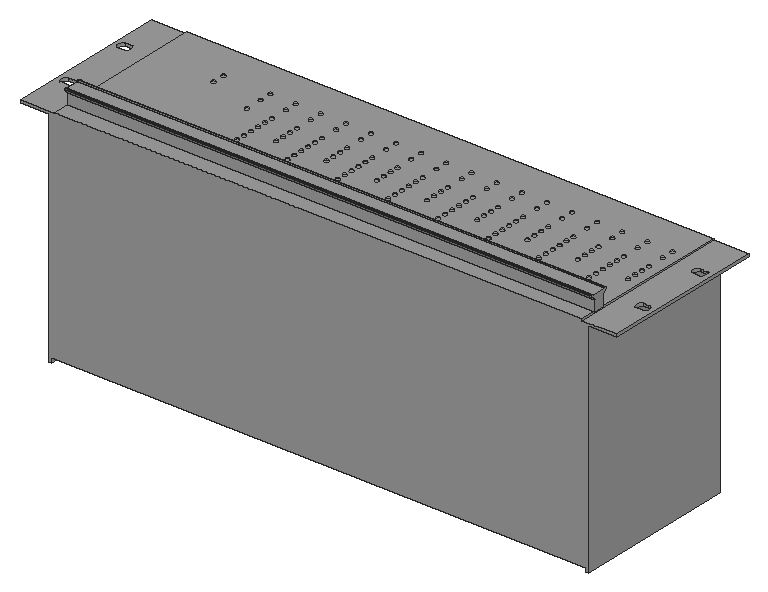
Revit family "Maxlogic alarme matrix panneau", category Fire Alarm Devices, host Face, Revit 2021
Family settings
  Host = Face
  Maintain Annotation Orientation = Yes
  Round Connector Dimension = Use Diameter
  Part Type = Normal
  OmniClass Number = 23.85.30.21
  OmniClass Title = Environmental Detection/Registration
  Cut with Voids When Loaded = No
  Shared = No
  Room Calculation Point = No
Parameters (values of type "Maxlogic Panneau de Matrice d'Anonce/alarme ,19"rack 3U,Module d'alimentation d'anonce et sortie d'alimentation d'externe")
  Poids = ""
  Boîtier de montage en surface étanche = ""
  Unité de durée de garantie = "Ans"
  Durée de la garantie réservé = "2"
  Durée de la garantie Travail = "2"
  Version = ""
  URL = "https://www.mavili.com.tr/"
  Socle montage de Surlévé = ""
  Numéro de pose des travaux publics = ""
  protection de Classe = ""
  Programmable alarm / alert output module = "ML-5020.PO 8 prends l'adresse"
  Code de Produit = "ML-5020"
  Numèro de Téléphone = "(+)90 216 466 45 05"
  Voltage de fonctionnement (default) = "28 V /DC"
  voltage fonction d'opération = "28 V /DC"
  Tempèrature de Fonctionnement = "(-10°C) - (+55°C)"
  Largeur Nominale = "209 mm"
  Longeur Nominale = "483 mm"
  Hauteur Nominale = "133 mm"
  Surface de Montage = "Rack montage cabinet"
  Hauteur de Montage = ""
  Model = "Maxlogic"
  Announce input module = "ML-5020.AI 4 prends l'adresse"
  Manufacturer = "Mavili Elektronik Ticaret A.Ş."
  Manuel d'installation = "https://mavilielektronik.com/Revit/ML5020_enkk.pdf"
  Sortie d'indicateur = ""
  Numèro de Fax = "(+)90 216 466 45 10"
  Alimentation d'externe = "220 V/AC"
  E-Poste = "mavili@mavili.com.tr"
  Avertissement = ""
  Charger adresse d'appareil = "Appareil d'adressage à main"
  Description = "Panneau de Matrice d'Anonce/alarme ,19\"rack 3U,Module d'alimentation d'anonce et sortie d'alimentation d'externe"
  Default Elevation = 0 mm
  Current de Consommation = ""
  Coût Unité = ""
  Cost = 0
  Socles Compatible = ""
  Couleur = "Noir"
  Code de  Performance = "EN 54-16"
  Matériel Principe = "Mètale Rouge"
  Deuxime Matèriel = "Plexiglas"
  Batterie = "2 X ( 12V 7Ah )"
  Announce / alarm matrix blank panel = "MLY-5001"
  Adresse ligne 1 = "Şerifali Mahallesi Kutup Sokak No:27/1-2-4 Ümraniye TR-34775 İSTANBUL"
Reference planes
  plane 1 "Center (Front/Back)": y = 0
  plane 2: z = 0
  plane 3 "Center (Left/Right)": x = 0
Forms (mm)
  Extrusion 1, solid, material "Alarm Matrix Panel"
    sketch origin (-255.275, 132.5, 267.01) x (-1, 0, 0) y (0, 0, -1)
      loop
        line (2, 182) -> (0, 182) -> (0, 179) -> (-432, 179) -> (-432, 182) -> (-434, 182) -> (-434, 3) -> (-457.3, 3) -> (-457.3, 0.961) -> (-429.02, 0.961) -> (-429.02, 0.026) -> (-2.98, 0.026) -> (-2.98, 0.961) -> (25.3, 0.961) -> (25.3, 3) -> (2, 3) -> (2, 182)
    from 0 to 132.5
  Revolve 2, solid, material "Glass"
    sketch origin (31.587, -147.1, 266.984) x (1, 0, 0) y (0, 1, 0)
      loop
        arc (-231.532, 249.85) -> (-229.882, 248.2) -> (-228.232, 249.85) r 1.65
        line (-228.232, 249.85) -> (-231.532, 249.85)
      axis (-231.532, 249.85) -> (-228.232, 249.85)
    angle from 0 to -180
  Revolve 3, solid, material "Glass"
    sketch origin (31.587, -157.1, 266.984) x (1, 0, 0) y (0, 1, 0)
      loop
        arc (-231.532, 249.85) -> (-229.882, 248.2) -> (-228.232, 249.85) r 1.65
        line (-228.232, 249.85) -> (-231.532, 249.85)
      axis (-231.532, 249.85) -> (-228.232, 249.85)
    angle from 0 to -180
  Revolve 4, solid, material "Glass"
    sketch origin (69.607, -147.1, 266.984) x (1, 0, 0) y (0, 1, 0)
      loop
        arc (-231.532, 249.85) -> (-229.882, 248.2) -> (-228.232, 249.85) r 1.65
        line (-228.232, 249.85) -> (-231.532, 249.85)
      axis (-231.532, 249.85) -> (-228.232, 249.85)
    angle from 0 to -180
  Revolve 5, solid, material "Glass"
    sketch origin (69.607, -157.1, 266.984) x (1, 0, 0) y (0, 1, 0)
      loop
        arc (-231.532, 249.85) -> (-229.882, 248.2) -> (-228.232, 249.85) r 1.65
        line (-228.232, 249.85) -> (-231.532, 249.85)
      axis (-231.532, 249.85) -> (-228.232, 249.85)
    angle from 0 to -180
  Revolve 6, solid, material "Glass"
    sketch origin (89.927, -147.1, 266.984) x (1, 0, 0) y (0, 1, 0)
      loop
        arc (-231.532, 249.85) -> (-229.882, 248.2) -> (-228.232, 249.85) r 1.65
        line (-228.232, 249.85) -> (-231.532, 249.85)
      axis (-231.532, 249.85) -> (-228.232, 249.85)
    angle from 0 to -180
  Revolve 7, solid, material "Glass"
    sketch origin (89.927, -157.1, 266.984) x (1, 0, 0) y (0, 1, 0)
      loop
        arc (-231.532, 249.85) -> (-229.882, 248.2) -> (-228.232, 249.85) r 1.65
        line (-228.232, 249.85) -> (-231.532, 249.85)
      axis (-231.532, 249.85) -> (-228.232, 249.85)
    angle from 0 to -180
  Revolve 8, solid, material "Glass"
    sketch origin (110.247, -147.1, 266.984) x (1, 0, 0) y (0, 1, 0)
      loop
        arc (-231.532, 249.85) -> (-229.882, 248.2) -> (-228.232, 249.85) r 1.65
        line (-228.232, 249.85) -> (-231.532, 249.85)
      axis (-231.532, 249.85) -> (-228.232, 249.85)
    angle from 0 to -180
  Revolve 9, solid, material "Glass"
    sketch origin (110.247, -157.1, 266.984) x (1, 0, 0) y (0, 1, 0)
      loop
        arc (-231.532, 249.85) -> (-229.882, 248.2) -> (-228.232, 249.85) r 1.65
        line (-228.232, 249.85) -> (-231.532, 249.85)
      axis (-231.532, 249.85) -> (-228.232, 249.85)
    angle from 0 to -180
  Revolve 10, solid, material "Glass"
    sketch origin (130.567, -147.1, 266.984) x (1, 0, 0) y (0, 1, 0)
      loop
        arc (-231.532, 249.85) -> (-229.882, 248.2) -> (-228.232, 249.85) r 1.65
        line (-228.232, 249.85) -> (-231.532, 249.85)
      axis (-231.532, 249.85) -> (-228.232, 249.85)
    angle from 0 to -180
  Revolve 11, solid, material "Glass"
    sketch origin (130.567, -157.1, 266.984) x (1, 0, 0) y (0, 1, 0)
      loop
        arc (-231.532, 249.85) -> (-229.882, 248.2) -> (-228.232, 249.85) r 1.65
        line (-228.232, 249.85) -> (-231.532, 249.85)
      axis (-231.532, 249.85) -> (-228.232, 249.85)
    angle from 0 to -180
  Revolve 12, solid, material "Glass"
    sketch origin (150.887, -147.1, 266.984) x (1, 0, 0) y (0, 1, 0)
      loop
        arc (-231.532, 249.85) -> (-229.882, 248.2) -> (-228.232, 249.85) r 1.65
        line (-228.232, 249.85) -> (-231.532, 249.85)
      axis (-231.532, 249.85) -> (-228.232, 249.85)
    angle from 0 to -180
  Revolve 13, solid, material "Glass"
    sketch origin (150.887, -157.1, 266.984) x (1, 0, 0) y (0, 1, 0)
      loop
        arc (-231.532, 249.85) -> (-229.882, 248.2) -> (-228.232, 249.85) r 1.65
        line (-228.232, 249.85) -> (-231.532, 249.85)
      axis (-231.532, 249.85) -> (-228.232, 249.85)
    angle from 0 to -180
  Revolve 14, solid, material "Glass"
    sketch origin (171.207, -147.1, 266.984) x (1, 0, 0) y (0, 1, 0)
      loop
        arc (-231.532, 249.85) -> (-229.882, 248.2) -> (-228.232, 249.85) r 1.65
        line (-228.232, 249.85) -> (-231.532, 249.85)
      axis (-231.532, 249.85) -> (-228.232, 249.85)
    angle from 0 to -180
  Revolve 15, solid, material "Glass"
    sketch origin (171.207, -157.1, 266.984) x (1, 0, 0) y (0, 1, 0)
      loop
        arc (-231.532, 249.85) -> (-229.882, 248.2) -> (-228.232, 249.85) r 1.65
        line (-228.232, 249.85) -> (-231.532, 249.85)
      axis (-231.532, 249.85) -> (-228.232, 249.85)
    angle from 0 to -180
  Revolve 16, solid, material "Glass"
    sketch origin (191.527, -147.1, 266.984) x (1, 0, 0) y (0, 1, 0)
      loop
        arc (-231.532, 249.85) -> (-229.882, 248.2) -> (-228.232, 249.85) r 1.65
        line (-228.232, 249.85) -> (-231.532, 249.85)
      axis (-231.532, 249.85) -> (-228.232, 249.85)
    angle from 0 to -180
  Revolve 17, solid, material "Glass"
    sketch origin (191.527, -157.1, 266.984) x (1, 0, 0) y (0, 1, 0)
      loop
        arc (-231.532, 249.85) -> (-229.882, 248.2) -> (-228.232, 249.85) r 1.65
        line (-228.232, 249.85) -> (-231.532, 249.85)
      axis (-231.532, 249.85) -> (-228.232, 249.85)
    angle from 0 to -180
  Revolve 18, solid, material "Glass"
    sketch origin (211.847, -147.1, 266.984) x (1, 0, 0) y (0, 1, 0)
      loop
        arc (-231.532, 249.85) -> (-229.882, 248.2) -> (-228.232, 249.85) r 1.65
        line (-228.232, 249.85) -> (-231.532, 249.85)
      axis (-231.532, 249.85) -> (-228.232, 249.85)
    angle from 0 to -180
  Revolve 19, solid, material "Glass"
    sketch origin (211.847, -157.1, 266.984) x (1, 0, 0) y (0, 1, 0)
      loop
        arc (-231.532, 249.85) -> (-229.882, 248.2) -> (-228.232, 249.85) r 1.65
        line (-228.232, 249.85) -> (-231.532, 249.85)
      axis (-231.532, 249.85) -> (-228.232, 249.85)
    angle from 0 to -180
  Revolve 20, solid, material "Glass"
    sketch origin (232.167, -147.1, 266.984) x (1, 0, 0) y (0, 1, 0)
      loop
        arc (-231.532, 249.85) -> (-229.882, 248.2) -> (-228.232, 249.85) r 1.65
        line (-228.232, 249.85) -> (-231.532, 249.85)
      axis (-231.532, 249.85) -> (-228.232, 249.85)
    angle from 0 to -180
  Revolve 21, solid, material "Glass"
    sketch origin (232.167, -157.1, 266.984) x (1, 0, 0) y (0, 1, 0)
      loop
        arc (-231.532, 249.85) -> (-229.882, 248.2) -> (-228.232, 249.85) r 1.65
        line (-228.232, 249.85) -> (-231.532, 249.85)
      axis (-231.532, 249.85) -> (-228.232, 249.85)
    angle from 0 to -180
  Revolve 22, solid, material "Glass"
    sketch origin (252.487, -147.1, 266.984) x (1, 0, 0) y (0, 1, 0)
      loop
        arc (-231.532, 249.85) -> (-229.882, 248.2) -> (-228.232, 249.85) r 1.65
        line (-228.232, 249.85) -> (-231.532, 249.85)
      axis (-231.532, 249.85) -> (-228.232, 249.85)
    angle from 0 to -180
  Revolve 23, solid, material "Glass"
    sketch origin (252.487, -157.1, 266.984) x (1, 0, 0) y (0, 1, 0)
      loop
        arc (-231.532, 249.85) -> (-229.882, 248.2) -> (-228.232, 249.85) r 1.65
        line (-228.232, 249.85) -> (-231.532, 249.85)
      axis (-231.532, 249.85) -> (-228.232, 249.85)
    angle from 0 to -180
  Revolve 24, solid, material "Glass"
    sketch origin (272.807, -147.1, 266.984) x (1, 0, 0) y (0, 1, 0)
      loop
        arc (-231.532, 249.85) -> (-229.882, 248.2) -> (-228.232, 249.85) r 1.65
        line (-228.232, 249.85) -> (-231.532, 249.85)
      axis (-231.532, 249.85) -> (-228.232, 249.85)
    angle from 0 to -180
  Revolve 25, solid, material "Glass"
    sketch origin (272.807, -157.1, 266.984) x (1, 0, 0) y (0, 1, 0)
      loop
        arc (-231.532, 249.85) -> (-229.882, 248.2) -> (-228.232, 249.85) r 1.65
        line (-228.232, 249.85) -> (-231.532, 249.85)
      axis (-231.532, 249.85) -> (-228.232, 249.85)
    angle from 0 to -180
  Revolve 26, solid, material "Glass"
    sketch origin (293.127, -147.1, 266.984) x (1, 0, 0) y (0, 1, 0)
      loop
        arc (-231.532, 249.85) -> (-229.882, 248.2) -> (-228.232, 249.85) r 1.65
        line (-228.232, 249.85) -> (-231.532, 249.85)
      axis (-231.532, 249.85) -> (-228.232, 249.85)
    angle from 0 to -180
  Revolve 27, solid, material "Glass"
    sketch origin (293.127, -157.1, 266.984) x (1, 0, 0) y (0, 1, 0)
      loop
        arc (-231.532, 249.85) -> (-229.882, 248.2) -> (-228.232, 249.85) r 1.65
        line (-228.232, 249.85) -> (-231.532, 249.85)
      axis (-231.532, 249.85) -> (-228.232, 249.85)
    angle from 0 to -180
  Revolve 28, solid, material "Glass"
    sketch origin (313.447, -147.1, 266.984) x (1, 0, 0) y (0, 1, 0)
      loop
        arc (-231.532, 249.85) -> (-229.882, 248.2) -> (-228.232, 249.85) r 1.65
        line (-228.232, 249.85) -> (-231.532, 249.85)
      axis (-231.532, 249.85) -> (-228.232, 249.85)
    angle from 0 to -180
  Revolve 29, solid, material "Glass"
    sketch origin (313.447, -157.1, 266.984) x (1, 0, 0) y (0, 1, 0)
      loop
        arc (-231.532, 249.85) -> (-229.882, 248.2) -> (-228.232, 249.85) r 1.65
        line (-228.232, 249.85) -> (-231.532, 249.85)
      axis (-231.532, 249.85) -> (-228.232, 249.85)
    angle from 0 to -180
  Revolve 30, solid, material "Glass"
    sketch origin (333.767, -147.1, 266.984) x (1, 0, 0) y (0, 1, 0)
      loop
        arc (-231.532, 249.85) -> (-229.882, 248.2) -> (-228.232, 249.85) r 1.65
        line (-228.232, 249.85) -> (-231.532, 249.85)
      axis (-231.532, 249.85) -> (-228.232, 249.85)
    angle from 0 to -180
  Revolve 31, solid, material "Glass"
    sketch origin (333.767, -157.1, 266.984) x (1, 0, 0) y (0, 1, 0)
      loop
        arc (-231.532, 249.85) -> (-229.882, 248.2) -> (-228.232, 249.85) r 1.65
        line (-228.232, 249.85) -> (-231.532, 249.85)
      axis (-231.532, 249.85) -> (-228.232, 249.85)
    angle from 0 to -180
  Revolve 32, solid, material "Glass"
    sketch origin (354.087, -147.1, 266.984) x (1, 0, 0) y (0, 1, 0)
      loop
        arc (-231.532, 249.85) -> (-229.882, 248.2) -> (-228.232, 249.85) r 1.65
        line (-228.232, 249.85) -> (-231.532, 249.85)
      axis (-231.532, 249.85) -> (-228.232, 249.85)
    angle from 0 to -180
  Revolve 33, solid, material "Glass"
    sketch origin (354.087, -157.1, 266.984) x (1, 0, 0) y (0, 1, 0)
      loop
        arc (-231.532, 249.85) -> (-229.882, 248.2) -> (-228.232, 249.85) r 1.65
        line (-228.232, 249.85) -> (-231.532, 249.85)
      axis (-231.532, 249.85) -> (-228.232, 249.85)
    angle from 0 to -180
  Revolve 34, solid, material "Glass"
    sketch origin (374.407, -147.1, 266.984) x (1, 0, 0) y (0, 1, 0)
      loop
        arc (-231.532, 249.85) -> (-229.882, 248.2) -> (-228.232, 249.85) r 1.65
        line (-228.232, 249.85) -> (-231.532, 249.85)
      axis (-231.532, 249.85) -> (-228.232, 249.85)
    angle from 0 to -180
  Revolve 35, solid, material "Glass"
    sketch origin (374.407, -157.1, 266.984) x (1, 0, 0) y (0, 1, 0)
      loop
        arc (-231.532, 249.85) -> (-229.882, 248.2) -> (-228.232, 249.85) r 1.65
        line (-228.232, 249.85) -> (-231.532, 249.85)
      axis (-231.532, 249.85) -> (-228.232, 249.85)
    angle from 0 to -180
  Revolve 36, solid, material "Glass"
    sketch origin (394.727, -147.1, 266.984) x (1, 0, 0) y (0, 1, 0)
      loop
        arc (-231.532, 249.85) -> (-229.882, 248.2) -> (-228.232, 249.85) r 1.65
        line (-228.232, 249.85) -> (-231.532, 249.85)
      axis (-231.532, 249.85) -> (-228.232, 249.85)
    angle from 0 to -180
  Revolve 37, solid, material "Glass"
    sketch origin (394.727, -157.1, 266.984) x (1, 0, 0) y (0, 1, 0)
      loop
        arc (-231.532, 249.85) -> (-229.882, 248.2) -> (-228.232, 249.85) r 1.65
        line (-228.232, 249.85) -> (-231.532, 249.85)
      axis (-231.532, 249.85) -> (-228.232, 249.85)
    angle from 0 to -180
  Revolve 38, solid, material "Glass"
    sketch origin (69.607, -171.1, 266.984) x (1, 0, 0) y (0, 1, 0)
      loop
        arc (-231.532, 249.85) -> (-229.882, 248.2) -> (-228.232, 249.85) r 1.65
        line (-228.232, 249.85) -> (-231.532, 249.85)
      axis (-231.532, 249.85) -> (-228.232, 249.85)
    angle from 0 to -180
  Revolve 39, solid, material "Glass"
    sketch origin (89.927, -171.1, 266.984) x (1, 0, 0) y (0, 1, 0)
      loop
        arc (-231.532, 249.85) -> (-229.882, 248.2) -> (-228.232, 249.85) r 1.65
        line (-228.232, 249.85) -> (-231.532, 249.85)
      axis (-231.532, 249.85) -> (-228.232, 249.85)
    angle from 0 to -180
  Revolve 40, solid, material "Glass"
    sketch origin (89.927, -178.1, 266.984) x (1, 0, 0) y (0, 1, 0)
      loop
        arc (-231.532, 249.85) -> (-229.882, 248.2) -> (-228.232, 249.85) r 1.65
        line (-228.232, 249.85) -> (-231.532, 249.85)
      axis (-231.532, 249.85) -> (-228.232, 249.85)
    angle from 0 to -180
  Revolve 41, solid, material "Glass"
    sketch origin (89.927, -185.1, 266.984) x (1, 0, 0) y (0, 1, 0)
      loop
        arc (-231.532, 249.85) -> (-229.882, 248.2) -> (-228.232, 249.85) r 1.65
        line (-228.232, 249.85) -> (-231.532, 249.85)
      axis (-231.532, 249.85) -> (-228.232, 249.85)
    angle from 0 to -180
  Revolve 42, solid, material "Glass"
    sketch origin (89.927, -192.1, 266.984) x (1, 0, 0) y (0, 1, 0)
      loop
        arc (-231.532, 249.85) -> (-229.882, 248.2) -> (-228.232, 249.85) r 1.65
        line (-228.232, 249.85) -> (-231.532, 249.85)
      axis (-231.532, 249.85) -> (-228.232, 249.85)
    angle from 0 to -180
  Revolve 43, solid, material "Glass"
    sketch origin (89.927, -199.1, 266.984) x (1, 0, 0) y (0, 1, 0)
      loop
        arc (-231.532, 249.85) -> (-229.882, 248.2) -> (-228.232, 249.85) r 1.65
        line (-228.232, 249.85) -> (-231.532, 249.85)
      axis (-231.532, 249.85) -> (-228.232, 249.85)
    angle from 0 to -180
  Revolve 44, solid, material "Glass"
    sketch origin (89.927, -206.1, 266.984) x (1, 0, 0) y (0, 1, 0)
      loop
        arc (-231.532, 249.85) -> (-229.882, 248.2) -> (-228.232, 249.85) r 1.65
        line (-228.232, 249.85) -> (-231.532, 249.85)
      axis (-231.532, 249.85) -> (-228.232, 249.85)
    angle from 0 to -180
  Revolve 45, solid, material "Glass"
    sketch origin (89.927, -213.1, 266.984) x (1, 0, 0) y (0, 1, 0)
      loop
        arc (-231.532, 249.85) -> (-229.882, 248.2) -> (-228.232, 249.85) r 1.65
        line (-228.232, 249.85) -> (-231.532, 249.85)
      axis (-231.532, 249.85) -> (-228.232, 249.85)
    angle from 0 to -180
  Revolve 46, solid, material "Glass"
    sketch origin (89.927, -220.1, 266.984) x (1, 0, 0) y (0, 1, 0)
      loop
        arc (-231.532, 249.85) -> (-229.882, 248.2) -> (-228.232, 249.85) r 1.65
        line (-228.232, 249.85) -> (-231.532, 249.85)
      axis (-231.532, 249.85) -> (-228.232, 249.85)
    angle from 0 to -180
  Revolve 47, solid, material "Glass"
    sketch origin (130.567, -171.1, 266.984) x (1, 0, 0) y (0, 1, 0)
      loop
        arc (-231.532, 249.85) -> (-229.882, 248.2) -> (-228.232, 249.85) r 1.65
        line (-228.232, 249.85) -> (-231.532, 249.85)
      axis (-231.532, 249.85) -> (-228.232, 249.85)
    angle from 0 to -180
  Revolve 48, solid, material "Glass"
    sketch origin (130.567, -178.1, 266.984) x (1, 0, 0) y (0, 1, 0)
      loop
        arc (-231.532, 249.85) -> (-229.882, 248.2) -> (-228.232, 249.85) r 1.65
        line (-228.232, 249.85) -> (-231.532, 249.85)
      axis (-231.532, 249.85) -> (-228.232, 249.85)
    angle from 0 to -180
  Revolve 49, solid, material "Glass"
    sketch origin (130.567, -185.1, 266.984) x (1, 0, 0) y (0, 1, 0)
      loop
        arc (-231.532, 249.85) -> (-229.882, 248.2) -> (-228.232, 249.85) r 1.65
        line (-228.232, 249.85) -> (-231.532, 249.85)
      axis (-231.532, 249.85) -> (-228.232, 249.85)
    angle from 0 to -180
  Revolve 50, solid, material "Glass"
    sketch origin (130.567, -192.1, 266.984) x (1, 0, 0) y (0, 1, 0)
      loop
        arc (-231.532, 249.85) -> (-229.882, 248.2) -> (-228.232, 249.85) r 1.65
        line (-228.232, 249.85) -> (-231.532, 249.85)
      axis (-231.532, 249.85) -> (-228.232, 249.85)
    angle from 0 to -180
  Revolve 51, solid, material "Glass"
    sketch origin (130.567, -199.1, 266.984) x (1, 0, 0) y (0, 1, 0)
      loop
        arc (-231.532, 249.85) -> (-229.882, 248.2) -> (-228.232, 249.85) r 1.65
        line (-228.232, 249.85) -> (-231.532, 249.85)
      axis (-231.532, 249.85) -> (-228.232, 249.85)
    angle from 0 to -180
  Revolve 52, solid, material "Glass"
    sketch origin (130.567, -206.1, 266.984) x (1, 0, 0) y (0, 1, 0)
      loop
        arc (-231.532, 249.85) -> (-229.882, 248.2) -> (-228.232, 249.85) r 1.65
        line (-228.232, 249.85) -> (-231.532, 249.85)
      axis (-231.532, 249.85) -> (-228.232, 249.85)
    angle from 0 to -180
  Revolve 53, solid, material "Glass"
    sketch origin (130.567, -213.1, 266.984) x (1, 0, 0) y (0, 1, 0)
      loop
        arc (-231.532, 249.85) -> (-229.882, 248.2) -> (-228.232, 249.85) r 1.65
        line (-228.232, 249.85) -> (-231.532, 249.85)
      axis (-231.532, 249.85) -> (-228.232, 249.85)
    angle from 0 to -180
  Revolve 54, solid, material "Glass"
    sketch origin (130.567, -220.1, 266.984) x (1, 0, 0) y (0, 1, 0)
      loop
        arc (-231.532, 249.85) -> (-229.882, 248.2) -> (-228.232, 249.85) r 1.65
        line (-228.232, 249.85) -> (-231.532, 249.85)
      axis (-231.532, 249.85) -> (-228.232, 249.85)
    angle from 0 to -180
  Revolve 55, solid, material "Glass"
    sketch origin (171.207, -171.1, 266.984) x (1, 0, 0) y (0, 1, 0)
      loop
        arc (-231.532, 249.85) -> (-229.882, 248.2) -> (-228.232, 249.85) r 1.65
        line (-228.232, 249.85) -> (-231.532, 249.85)
      axis (-231.532, 249.85) -> (-228.232, 249.85)
    angle from 0 to -180
  Revolve 56, solid, material "Glass"
    sketch origin (171.207, -178.1, 266.984) x (1, 0, 0) y (0, 1, 0)
      loop
        arc (-231.532, 249.85) -> (-229.882, 248.2) -> (-228.232, 249.85) r 1.65
        line (-228.232, 249.85) -> (-231.532, 249.85)
      axis (-231.532, 249.85) -> (-228.232, 249.85)
    angle from 0 to -180
  Revolve 57, solid, material "Glass"
    sketch origin (171.207, -185.1, 266.984) x (1, 0, 0) y (0, 1, 0)
      loop
        arc (-231.532, 249.85) -> (-229.882, 248.2) -> (-228.232, 249.85) r 1.65
        line (-228.232, 249.85) -> (-231.532, 249.85)
      axis (-231.532, 249.85) -> (-228.232, 249.85)
    angle from 0 to -180
  Revolve 58, solid, material "Glass"
    sketch origin (171.207, -192.1, 266.984) x (1, 0, 0) y (0, 1, 0)
      loop
        arc (-231.532, 249.85) -> (-229.882, 248.2) -> (-228.232, 249.85) r 1.65
        line (-228.232, 249.85) -> (-231.532, 249.85)
      axis (-231.532, 249.85) -> (-228.232, 249.85)
    angle from 0 to -180
  Revolve 59, solid, material "Glass"
    sketch origin (171.207, -199.1, 266.984) x (1, 0, 0) y (0, 1, 0)
      loop
        arc (-231.532, 249.85) -> (-229.882, 248.2) -> (-228.232, 249.85) r 1.65
        line (-228.232, 249.85) -> (-231.532, 249.85)
      axis (-231.532, 249.85) -> (-228.232, 249.85)
    angle from 0 to -180
  Revolve 60, solid, material "Glass"
    sketch origin (171.207, -206.1, 266.984) x (1, 0, 0) y (0, 1, 0)
      loop
        arc (-231.532, 249.85) -> (-229.882, 248.2) -> (-228.232, 249.85) r 1.65
        line (-228.232, 249.85) -> (-231.532, 249.85)
      axis (-231.532, 249.85) -> (-228.232, 249.85)
    angle from 0 to -180
  Revolve 61, solid, material "Glass"
    sketch origin (171.207, -213.1, 266.984) x (1, 0, 0) y (0, 1, 0)
      loop
        arc (-231.532, 249.85) -> (-229.882, 248.2) -> (-228.232, 249.85) r 1.65
        line (-228.232, 249.85) -> (-231.532, 249.85)
      axis (-231.532, 249.85) -> (-228.232, 249.85)
    angle from 0 to -180
  Revolve 62, solid, material "Glass"
    sketch origin (171.207, -220.1, 266.984) x (1, 0, 0) y (0, 1, 0)
      loop
        arc (-231.532, 249.85) -> (-229.882, 248.2) -> (-228.232, 249.85) r 1.65
        line (-228.232, 249.85) -> (-231.532, 249.85)
      axis (-231.532, 249.85) -> (-228.232, 249.85)
    angle from 0 to -180
  Revolve 63, solid, material "Glass"
    sketch origin (211.847, -171.1, 266.984) x (1, 0, 0) y (0, 1, 0)
      loop
        arc (-231.532, 249.85) -> (-229.882, 248.2) -> (-228.232, 249.85) r 1.65
        line (-228.232, 249.85) -> (-231.532, 249.85)
      axis (-231.532, 249.85) -> (-228.232, 249.85)
    angle from 0 to -180
  Revolve 64, solid, material "Glass"
    sketch origin (211.847, -178.1, 266.984) x (1, 0, 0) y (0, 1, 0)
      loop
        arc (-231.532, 249.85) -> (-229.882, 248.2) -> (-228.232, 249.85) r 1.65
        line (-228.232, 249.85) -> (-231.532, 249.85)
      axis (-231.532, 249.85) -> (-228.232, 249.85)
    angle from 0 to -180
  Revolve 65, solid, material "Glass"
    sketch origin (211.847, -185.1, 266.984) x (1, 0, 0) y (0, 1, 0)
      loop
        arc (-231.532, 249.85) -> (-229.882, 248.2) -> (-228.232, 249.85) r 1.65
        line (-228.232, 249.85) -> (-231.532, 249.85)
      axis (-231.532, 249.85) -> (-228.232, 249.85)
    angle from 0 to -180
  Revolve 66, solid, material "Glass"
    sketch origin (211.847, -192.1, 266.984) x (1, 0, 0) y (0, 1, 0)
      loop
        arc (-231.532, 249.85) -> (-229.882, 248.2) -> (-228.232, 249.85) r 1.65
        line (-228.232, 249.85) -> (-231.532, 249.85)
      axis (-231.532, 249.85) -> (-228.232, 249.85)
    angle from 0 to -180
  Revolve 67, solid, material "Glass"
    sketch origin (211.847, -199.1, 266.984) x (1, 0, 0) y (0, 1, 0)
      loop
        arc (-231.532, 249.85) -> (-229.882, 248.2) -> (-228.232, 249.85) r 1.65
        line (-228.232, 249.85) -> (-231.532, 249.85)
      axis (-231.532, 249.85) -> (-228.232, 249.85)
    angle from 0 to -180
  Revolve 68, solid, material "Glass"
    sketch origin (211.847, -206.1, 266.984) x (1, 0, 0) y (0, 1, 0)
      loop
        arc (-231.532, 249.85) -> (-229.882, 248.2) -> (-228.232, 249.85) r 1.65
        line (-228.232, 249.85) -> (-231.532, 249.85)
      axis (-231.532, 249.85) -> (-228.232, 249.85)
    angle from 0 to -180
  Revolve 69, solid, material "Glass"
    sketch origin (211.847, -213.1, 266.984) x (1, 0, 0) y (0, 1, 0)
      loop
        arc (-231.532, 249.85) -> (-229.882, 248.2) -> (-228.232, 249.85) r 1.65
        line (-228.232, 249.85) -> (-231.532, 249.85)
      axis (-231.532, 249.85) -> (-228.232, 249.85)
    angle from 0 to -180
  Revolve 70, solid, material "Glass"
    sketch origin (211.847, -220.1, 266.984) x (1, 0, 0) y (0, 1, 0)
      loop
        arc (-231.532, 249.85) -> (-229.882, 248.2) -> (-228.232, 249.85) r 1.65
        line (-228.232, 249.85) -> (-231.532, 249.85)
      axis (-231.532, 249.85) -> (-228.232, 249.85)
    angle from 0 to -180
  Revolve 71, solid, material "Glass"
    sketch origin (252.487, -171.1, 266.984) x (1, 0, 0) y (0, 1, 0)
      loop
        arc (-231.532, 249.85) -> (-229.882, 248.2) -> (-228.232, 249.85) r 1.65
        line (-228.232, 249.85) -> (-231.532, 249.85)
      axis (-231.532, 249.85) -> (-228.232, 249.85)
    angle from 0 to -180
  Revolve 72, solid, material "Glass"
    sketch origin (252.487, -178.1, 266.984) x (1, 0, 0) y (0, 1, 0)
      loop
        arc (-231.532, 249.85) -> (-229.882, 248.2) -> (-228.232, 249.85) r 1.65
        line (-228.232, 249.85) -> (-231.532, 249.85)
      axis (-231.532, 249.85) -> (-228.232, 249.85)
    angle from 0 to -180
  Revolve 73, solid, material "Glass"
    sketch origin (252.487, -185.1, 266.984) x (1, 0, 0) y (0, 1, 0)
      loop
        arc (-231.532, 249.85) -> (-229.882, 248.2) -> (-228.232, 249.85) r 1.65
        line (-228.232, 249.85) -> (-231.532, 249.85)
      axis (-231.532, 249.85) -> (-228.232, 249.85)
    angle from 0 to -180
  Revolve 74, solid, material "Glass"
    sketch origin (252.487, -192.1, 266.984) x (1, 0, 0) y (0, 1, 0)
      loop
        arc (-231.532, 249.85) -> (-229.882, 248.2) -> (-228.232, 249.85) r 1.65
        line (-228.232, 249.85) -> (-231.532, 249.85)
      axis (-231.532, 249.85) -> (-228.232, 249.85)
    angle from 0 to -180
  Revolve 75, solid, material "Glass"
    sketch origin (252.487, -199.1, 266.984) x (1, 0, 0) y (0, 1, 0)
      loop
        arc (-231.532, 249.85) -> (-229.882, 248.2) -> (-228.232, 249.85) r 1.65
        line (-228.232, 249.85) -> (-231.532, 249.85)
      axis (-231.532, 249.85) -> (-228.232, 249.85)
    angle from 0 to -180
  Revolve 76, solid, material "Glass"
    sketch origin (252.487, -206.1, 266.984) x (1, 0, 0) y (0, 1, 0)
      loop
        arc (-231.532, 249.85) -> (-229.882, 248.2) -> (-228.232, 249.85) r 1.65
        line (-228.232, 249.85) -> (-231.532, 249.85)
      axis (-231.532, 249.85) -> (-228.232, 249.85)
    angle from 0 to -180
  Revolve 77, solid, material "Glass"
    sketch origin (252.487, -213.1, 266.984) x (1, 0, 0) y (0, 1, 0)
      loop
        arc (-231.532, 249.85) -> (-229.882, 248.2) -> (-228.232, 249.85) r 1.65
        line (-228.232, 249.85) -> (-231.532, 249.85)
      axis (-231.532, 249.85) -> (-228.232, 249.85)
    angle from 0 to -180
  Revolve 78, solid, material "Glass"
    sketch origin (252.487, -220.1, 266.984) x (1, 0, 0) y (0, 1, 0)
      loop
        arc (-231.532, 249.85) -> (-229.882, 248.2) -> (-228.232, 249.85) r 1.65
        line (-228.232, 249.85) -> (-231.532, 249.85)
      axis (-231.532, 249.85) -> (-228.232, 249.85)
    angle from 0 to -180
  Revolve 79, solid, material "Glass"
    sketch origin (293.127, -171.1, 266.984) x (1, 0, 0) y (0, 1, 0)
      loop
        arc (-231.532, 249.85) -> (-229.882, 248.2) -> (-228.232, 249.85) r 1.65
        line (-228.232, 249.85) -> (-231.532, 249.85)
      axis (-231.532, 249.85) -> (-228.232, 249.85)
    angle from 0 to -180
  Revolve 80, solid, material "Glass"
    sketch origin (293.127, -178.1, 266.984) x (1, 0, 0) y (0, 1, 0)
      loop
        arc (-231.532, 249.85) -> (-229.882, 248.2) -> (-228.232, 249.85) r 1.65
        line (-228.232, 249.85) -> (-231.532, 249.85)
      axis (-231.532, 249.85) -> (-228.232, 249.85)
    angle from 0 to -180
  Revolve 81, solid, material "Glass"
    sketch origin (293.127, -185.1, 266.984) x (1, 0, 0) y (0, 1, 0)
      loop
        arc (-231.532, 249.85) -> (-229.882, 248.2) -> (-228.232, 249.85) r 1.65
        line (-228.232, 249.85) -> (-231.532, 249.85)
      axis (-231.532, 249.85) -> (-228.232, 249.85)
    angle from 0 to -180
  Revolve 82, solid, material "Glass"
    sketch origin (293.127, -192.1, 266.984) x (1, 0, 0) y (0, 1, 0)
      loop
        arc (-231.532, 249.85) -> (-229.882, 248.2) -> (-228.232, 249.85) r 1.65
        line (-228.232, 249.85) -> (-231.532, 249.85)
      axis (-231.532, 249.85) -> (-228.232, 249.85)
    angle from 0 to -180
  Revolve 83, solid, material "Glass"
    sketch origin (293.127, -199.1, 266.984) x (1, 0, 0) y (0, 1, 0)
      loop
        arc (-231.532, 249.85) -> (-229.882, 248.2) -> (-228.232, 249.85) r 1.65
        line (-228.232, 249.85) -> (-231.532, 249.85)
      axis (-231.532, 249.85) -> (-228.232, 249.85)
    angle from 0 to -180
  Revolve 84, solid, material "Glass"
    sketch origin (293.127, -206.1, 266.984) x (1, 0, 0) y (0, 1, 0)
      loop
        arc (-231.532, 249.85) -> (-229.882, 248.2) -> (-228.232, 249.85) r 1.65
        line (-228.232, 249.85) -> (-231.532, 249.85)
      axis (-231.532, 249.85) -> (-228.232, 249.85)
    angle from 0 to -180
  Revolve 85, solid, material "Glass"
    sketch origin (293.127, -213.1, 266.984) x (1, 0, 0) y (0, 1, 0)
      loop
        arc (-231.532, 249.85) -> (-229.882, 248.2) -> (-228.232, 249.85) r 1.65
        line (-228.232, 249.85) -> (-231.532, 249.85)
      axis (-231.532, 249.85) -> (-228.232, 249.85)
    angle from 0 to -180
  Revolve 86, solid, material "Glass"
    sketch origin (293.127, -220.1, 266.984) x (1, 0, 0) y (0, 1, 0)
      loop
        arc (-231.532, 249.85) -> (-229.882, 248.2) -> (-228.232, 249.85) r 1.65
        line (-228.232, 249.85) -> (-231.532, 249.85)
      axis (-231.532, 249.85) -> (-228.232, 249.85)
    angle from 0 to -180
  Revolve 87, solid, material "Glass"
    sketch origin (333.767, -171.1, 266.984) x (1, 0, 0) y (0, 1, 0)
      loop
        arc (-231.532, 249.85) -> (-229.882, 248.2) -> (-228.232, 249.85) r 1.65
        line (-228.232, 249.85) -> (-231.532, 249.85)
      axis (-231.532, 249.85) -> (-228.232, 249.85)
    angle from 0 to -180
  Revolve 88, solid, material "Glass"
    sketch origin (333.767, -178.1, 266.984) x (1, 0, 0) y (0, 1, 0)
      loop
        arc (-231.532, 249.85) -> (-229.882, 248.2) -> (-228.232, 249.85) r 1.65
        line (-228.232, 249.85) -> (-231.532, 249.85)
      axis (-231.532, 249.85) -> (-228.232, 249.85)
    angle from 0 to -180
  Revolve 89, solid, material "Glass"
    sketch origin (333.767, -185.1, 266.984) x (1, 0, 0) y (0, 1, 0)
      loop
        arc (-231.532, 249.85) -> (-229.882, 248.2) -> (-228.232, 249.85) r 1.65
        line (-228.232, 249.85) -> (-231.532, 249.85)
      axis (-231.532, 249.85) -> (-228.232, 249.85)
    angle from 0 to -180
  Revolve 90, solid, material "Glass"
    sketch origin (333.767, -192.1, 266.984) x (1, 0, 0) y (0, 1, 0)
      loop
        arc (-231.532, 249.85) -> (-229.882, 248.2) -> (-228.232, 249.85) r 1.65
        line (-228.232, 249.85) -> (-231.532, 249.85)
      axis (-231.532, 249.85) -> (-228.232, 249.85)
    angle from 0 to -180
  Revolve 91, solid, material "Glass"
    sketch origin (333.767, -199.1, 266.984) x (1, 0, 0) y (0, 1, 0)
      loop
        arc (-231.532, 249.85) -> (-229.882, 248.2) -> (-228.232, 249.85) r 1.65
        line (-228.232, 249.85) -> (-231.532, 249.85)
      axis (-231.532, 249.85) -> (-228.232, 249.85)
    angle from 0 to -180
  Revolve 92, solid, material "Glass"
    sketch origin (333.767, -206.1, 266.984) x (1, 0, 0) y (0, 1, 0)
      loop
        arc (-231.532, 249.85) -> (-229.882, 248.2) -> (-228.232, 249.85) r 1.65
        line (-228.232, 249.85) -> (-231.532, 249.85)
      axis (-231.532, 249.85) -> (-228.232, 249.85)
    angle from 0 to -180
  Revolve 93, solid, material "Glass"
    sketch origin (333.767, -213.1, 266.984) x (1, 0, 0) y (0, 1, 0)
      loop
        arc (-231.532, 249.85) -> (-229.882, 248.2) -> (-228.232, 249.85) r 1.65
        line (-228.232, 249.85) -> (-231.532, 249.85)
      axis (-231.532, 249.85) -> (-228.232, 249.85)
    angle from 0 to -180
  Revolve 94, solid, material "Glass"
    sketch origin (333.767, -220.1, 266.984) x (1, 0, 0) y (0, 1, 0)
      loop
        arc (-231.532, 249.85) -> (-229.882, 248.2) -> (-228.232, 249.85) r 1.65
        line (-228.232, 249.85) -> (-231.532, 249.85)
      axis (-231.532, 249.85) -> (-228.232, 249.85)
    angle from 0 to -180
  Revolve 95, solid, material "Glass"
    sketch origin (374.407, -171.1, 266.984) x (1, 0, 0) y (0, 1, 0)
      loop
        arc (-231.532, 249.85) -> (-229.882, 248.2) -> (-228.232, 249.85) r 1.65
        line (-228.232, 249.85) -> (-231.532, 249.85)
      axis (-231.532, 249.85) -> (-228.232, 249.85)
    angle from 0 to -180
  Revolve 96, solid, material "Glass"
    sketch origin (374.407, -178.1, 266.984) x (1, 0, 0) y (0, 1, 0)
      loop
        arc (-231.532, 249.85) -> (-229.882, 248.2) -> (-228.232, 249.85) r 1.65
        line (-228.232, 249.85) -> (-231.532, 249.85)
      axis (-231.532, 249.85) -> (-228.232, 249.85)
    angle from 0 to -180
  Revolve 97, solid, material "Glass"
    sketch origin (374.407, -185.1, 266.984) x (1, 0, 0) y (0, 1, 0)
      loop
        arc (-231.532, 249.85) -> (-229.882, 248.2) -> (-228.232, 249.85) r 1.65
        line (-228.232, 249.85) -> (-231.532, 249.85)
      axis (-231.532, 249.85) -> (-228.232, 249.85)
    angle from 0 to -180
  Revolve 98, solid, material "Glass"
    sketch origin (374.407, -192.1, 266.984) x (1, 0, 0) y (0, 1, 0)
      loop
        arc (-231.532, 249.85) -> (-229.882, 248.2) -> (-228.232, 249.85) r 1.65
        line (-228.232, 249.85) -> (-231.532, 249.85)
      axis (-231.532, 249.85) -> (-228.232, 249.85)
    angle from 0 to -180
  Revolve 99, solid, material "Glass"
    sketch origin (374.407, -199.1, 266.984) x (1, 0, 0) y (0, 1, 0)
      loop
        arc (-231.532, 249.85) -> (-229.882, 248.2) -> (-228.232, 249.85) r 1.65
        line (-228.232, 249.85) -> (-231.532, 249.85)
      axis (-231.532, 249.85) -> (-228.232, 249.85)
    angle from 0 to -180
  Revolve 100, solid, material "Glass"
    sketch origin (374.407, -206.1, 266.984) x (1, 0, 0) y (0, 1, 0)
      loop
        arc (-231.532, 249.85) -> (-229.882, 248.2) -> (-228.232, 249.85) r 1.65
        line (-228.232, 249.85) -> (-231.532, 249.85)
      axis (-231.532, 249.85) -> (-228.232, 249.85)
    angle from 0 to -180
  Revolve 101, solid, material "Glass"
    sketch origin (374.407, -213.1, 266.984) x (1, 0, 0) y (0, 1, 0)
      loop
        arc (-231.532, 249.85) -> (-229.882, 248.2) -> (-228.232, 249.85) r 1.65
        line (-228.232, 249.85) -> (-231.532, 249.85)
      axis (-231.532, 249.85) -> (-228.232, 249.85)
    angle from 0 to -180
  Revolve 102, solid, material "Glass"
    sketch origin (374.407, -220.1, 266.984) x (1, 0, 0) y (0, 1, 0)
      loop
        arc (-231.532, 249.85) -> (-229.882, 248.2) -> (-228.232, 249.85) r 1.65
        line (-228.232, 249.85) -> (-231.532, 249.85)
      axis (-231.532, 249.85) -> (-228.232, 249.85)
    angle from 0 to -180
  Revolve 103, solid, material "Glass"
    sketch origin (110.247, -171.1, 266.984) x (1, 0, 0) y (0, 1, 0)
      loop
        arc (-231.532, 249.85) -> (-229.882, 248.2) -> (-228.232, 249.85) r 1.65
        line (-228.232, 249.85) -> (-231.532, 249.85)
      axis (-231.532, 249.85) -> (-228.232, 249.85)
    angle from 0 to -180
  Revolve 104, solid, material "Glass"
    sketch origin (110.247, -178.1, 266.984) x (1, 0, 0) y (0, 1, 0)
      loop
        arc (-231.532, 249.85) -> (-229.882, 248.2) -> (-228.232, 249.85) r 1.65
        line (-228.232, 249.85) -> (-231.532, 249.85)
      axis (-231.532, 249.85) -> (-228.232, 249.85)
    angle from 0 to -180
  Revolve 105, solid, material "Glass"
    sketch origin (110.247, -185.1, 266.984) x (1, 0, 0) y (0, 1, 0)
      loop
        arc (-231.532, 249.85) -> (-229.882, 248.2) -> (-228.232, 249.85) r 1.65
        line (-228.232, 249.85) -> (-231.532, 249.85)
      axis (-231.532, 249.85) -> (-228.232, 249.85)
    angle from 0 to -180
  Revolve 106, solid, material "Glass"
    sketch origin (110.247, -192.1, 266.984) x (1, 0, 0) y (0, 1, 0)
      loop
        arc (-231.532, 249.85) -> (-229.882, 248.2) -> (-228.232, 249.85) r 1.65
        line (-228.232, 249.85) -> (-231.532, 249.85)
      axis (-231.532, 249.85) -> (-228.232, 249.85)
    angle from 0 to -180
  Revolve 107, solid, material "Glass"
    sketch origin (150.887, -171.1, 266.984) x (1, 0, 0) y (0, 1, 0)
      loop
        arc (-231.532, 249.85) -> (-229.882, 248.2) -> (-228.232, 249.85) r 1.65
        line (-228.232, 249.85) -> (-231.532, 249.85)
      axis (-231.532, 249.85) -> (-228.232, 249.85)
    angle from 0 to -180
  Revolve 108, solid, material "Glass"
    sketch origin (150.887, -178.1, 266.984) x (1, 0, 0) y (0, 1, 0)
      loop
        arc (-231.532, 249.85) -> (-229.882, 248.2) -> (-228.232, 249.85) r 1.65
        line (-228.232, 249.85) -> (-231.532, 249.85)
      axis (-231.532, 249.85) -> (-228.232, 249.85)
    angle from 0 to -180
  Revolve 109, solid, material "Glass"
    sketch origin (150.887, -185.1, 266.984) x (1, 0, 0) y (0, 1, 0)
      loop
        arc (-231.532, 249.85) -> (-229.882, 248.2) -> (-228.232, 249.85) r 1.65
        line (-228.232, 249.85) -> (-231.532, 249.85)
      axis (-231.532, 249.85) -> (-228.232, 249.85)
    angle from 0 to -180
  Revolve 110, solid, material "Glass"
    sketch origin (150.887, -192.1, 266.984) x (1, 0, 0) y (0, 1, 0)
      loop
        arc (-231.532, 249.85) -> (-229.882, 248.2) -> (-228.232, 249.85) r 1.65
        line (-228.232, 249.85) -> (-231.532, 249.85)
      axis (-231.532, 249.85) -> (-228.232, 249.85)
    angle from 0 to -180
  Revolve 111, solid, material "Glass"
    sketch origin (191.527, -171.1, 266.984) x (1, 0, 0) y (0, 1, 0)
      loop
        arc (-231.532, 249.85) -> (-229.882, 248.2) -> (-228.232, 249.85) r 1.65
        line (-228.232, 249.85) -> (-231.532, 249.85)
      axis (-231.532, 249.85) -> (-228.232, 249.85)
    angle from 0 to -180
  Revolve 112, solid, material "Glass"
    sketch origin (191.527, -178.1, 266.984) x (1, 0, 0) y (0, 1, 0)
      loop
        arc (-231.532, 249.85) -> (-229.882, 248.2) -> (-228.232, 249.85) r 1.65
        line (-228.232, 249.85) -> (-231.532, 249.85)
      axis (-231.532, 249.85) -> (-228.232, 249.85)
    angle from 0 to -180
  Revolve 113, solid, material "Glass"
    sketch origin (191.527, -185.1, 266.984) x (1, 0, 0) y (0, 1, 0)
      loop
        arc (-231.532, 249.85) -> (-229.882, 248.2) -> (-228.232, 249.85) r 1.65
        line (-228.232, 249.85) -> (-231.532, 249.85)
      axis (-231.532, 249.85) -> (-228.232, 249.85)
    angle from 0 to -180
  Revolve 114, solid, material "Glass"
    sketch origin (191.527, -192.1, 266.984) x (1, 0, 0) y (0, 1, 0)
      loop
        arc (-231.532, 249.85) -> (-229.882, 248.2) -> (-228.232, 249.85) r 1.65
        line (-228.232, 249.85) -> (-231.532, 249.85)
      axis (-231.532, 249.85) -> (-228.232, 249.85)
    angle from 0 to -180
  Revolve 115, solid, material "Glass"
    sketch origin (232.167, -171.1, 266.984) x (1, 0, 0) y (0, 1, 0)
      loop
        arc (-231.532, 249.85) -> (-229.882, 248.2) -> (-228.232, 249.85) r 1.65
        line (-228.232, 249.85) -> (-231.532, 249.85)
      axis (-231.532, 249.85) -> (-228.232, 249.85)
    angle from 0 to -180
  Revolve 116, solid, material "Glass"
    sketch origin (232.167, -178.1, 266.984) x (1, 0, 0) y (0, 1, 0)
      loop
        arc (-231.532, 249.85) -> (-229.882, 248.2) -> (-228.232, 249.85) r 1.65
        line (-228.232, 249.85) -> (-231.532, 249.85)
      axis (-231.532, 249.85) -> (-228.232, 249.85)
    angle from 0 to -180
  Revolve 117, solid, material "Glass"
    sketch origin (232.167, -185.1, 266.984) x (1, 0, 0) y (0, 1, 0)
      loop
        arc (-231.532, 249.85) -> (-229.882, 248.2) -> (-228.232, 249.85) r 1.65
        line (-228.232, 249.85) -> (-231.532, 249.85)
      axis (-231.532, 249.85) -> (-228.232, 249.85)
    angle from 0 to -180
  Revolve 118, solid, material "Glass"
    sketch origin (232.167, -192.1, 266.984) x (1, 0, 0) y (0, 1, 0)
      loop
        arc (-231.532, 249.85) -> (-229.882, 248.2) -> (-228.232, 249.85) r 1.65
        line (-228.232, 249.85) -> (-231.532, 249.85)
      axis (-231.532, 249.85) -> (-228.232, 249.85)
    angle from 0 to -180
  Revolve 119, solid, material "Glass"
    sketch origin (272.807, -171.1, 266.984) x (1, 0, 0) y (0, 1, 0)
      loop
        arc (-231.532, 249.85) -> (-229.882, 248.2) -> (-228.232, 249.85) r 1.65
        line (-228.232, 249.85) -> (-231.532, 249.85)
      axis (-231.532, 249.85) -> (-228.232, 249.85)
    angle from 0 to -180
  Revolve 120, solid, material "Glass"
    sketch origin (272.807, -178.1, 266.984) x (1, 0, 0) y (0, 1, 0)
      loop
        arc (-231.532, 249.85) -> (-229.882, 248.2) -> (-228.232, 249.85) r 1.65
        line (-228.232, 249.85) -> (-231.532, 249.85)
      axis (-231.532, 249.85) -> (-228.232, 249.85)
    angle from 0 to -180
  Revolve 121, solid, material "Glass"
    sketch origin (272.807, -185.1, 266.984) x (1, 0, 0) y (0, 1, 0)
      loop
        arc (-231.532, 249.85) -> (-229.882, 248.2) -> (-228.232, 249.85) r 1.65
        line (-228.232, 249.85) -> (-231.532, 249.85)
      axis (-231.532, 249.85) -> (-228.232, 249.85)
    angle from 0 to -180
  Revolve 122, solid, material "Glass"
    sketch origin (272.807, -192.1, 266.984) x (1, 0, 0) y (0, 1, 0)
      loop
        arc (-231.532, 249.85) -> (-229.882, 248.2) -> (-228.232, 249.85) r 1.65
        line (-228.232, 249.85) -> (-231.532, 249.85)
      axis (-231.532, 249.85) -> (-228.232, 249.85)
    angle from 0 to -180
  Revolve 123, solid, material "Glass"
    sketch origin (313.447, -171.1, 266.984) x (1, 0, 0) y (0, 1, 0)
      loop
        arc (-231.532, 249.85) -> (-229.882, 248.2) -> (-228.232, 249.85) r 1.65
        line (-228.232, 249.85) -> (-231.532, 249.85)
      axis (-231.532, 249.85) -> (-228.232, 249.85)
    angle from 0 to -180
  Revolve 124, solid, material "Glass"
    sketch origin (313.447, -178.1, 266.984) x (1, 0, 0) y (0, 1, 0)
      loop
        arc (-231.532, 249.85) -> (-229.882, 248.2) -> (-228.232, 249.85) r 1.65
        line (-228.232, 249.85) -> (-231.532, 249.85)
      axis (-231.532, 249.85) -> (-228.232, 249.85)
    angle from 0 to -180
  Revolve 125, solid, material "Glass"
    sketch origin (313.447, -185.1, 266.984) x (1, 0, 0) y (0, 1, 0)
      loop
        arc (-231.532, 249.85) -> (-229.882, 248.2) -> (-228.232, 249.85) r 1.65
        line (-228.232, 249.85) -> (-231.532, 249.85)
      axis (-231.532, 249.85) -> (-228.232, 249.85)
    angle from 0 to -180
  Revolve 126, solid, material "Glass"
    sketch origin (313.447, -192.1, 266.984) x (1, 0, 0) y (0, 1, 0)
      loop
        arc (-231.532, 249.85) -> (-229.882, 248.2) -> (-228.232, 249.85) r 1.65
        line (-228.232, 249.85) -> (-231.532, 249.85)
      axis (-231.532, 249.85) -> (-228.232, 249.85)
    angle from 0 to -180
  Revolve 127, solid, material "Glass"
    sketch origin (354.087, -171.1, 266.984) x (1, 0, 0) y (0, 1, 0)
      loop
        arc (-231.532, 249.85) -> (-229.882, 248.2) -> (-228.232, 249.85) r 1.65
        line (-228.232, 249.85) -> (-231.532, 249.85)
      axis (-231.532, 249.85) -> (-228.232, 249.85)
    angle from 0 to -180
  Revolve 128, solid, material "Glass"
    sketch origin (354.087, -178.1, 266.984) x (1, 0, 0) y (0, 1, 0)
      loop
        arc (-231.532, 249.85) -> (-229.882, 248.2) -> (-228.232, 249.85) r 1.65
        line (-228.232, 249.85) -> (-231.532, 249.85)
      axis (-231.532, 249.85) -> (-228.232, 249.85)
    angle from 0 to -180
  Revolve 129, solid, material "Glass"
    sketch origin (354.087, -185.1, 266.984) x (1, 0, 0) y (0, 1, 0)
      loop
        arc (-231.532, 249.85) -> (-229.882, 248.2) -> (-228.232, 249.85) r 1.65
        line (-228.232, 249.85) -> (-231.532, 249.85)
      axis (-231.532, 249.85) -> (-228.232, 249.85)
    angle from 0 to -180
  Revolve 130, solid, material "Glass"
    sketch origin (354.087, -192.1, 266.984) x (1, 0, 0) y (0, 1, 0)
      loop
        arc (-231.532, 249.85) -> (-229.882, 248.2) -> (-228.232, 249.85) r 1.65
        line (-228.232, 249.85) -> (-231.532, 249.85)
      axis (-231.532, 249.85) -> (-228.232, 249.85)
    angle from 0 to -180
  Revolve 131, solid, material "Glass"
    sketch origin (394.727, -171.1, 266.984) x (1, 0, 0) y (0, 1, 0)
      loop
        arc (-231.532, 249.85) -> (-229.882, 248.2) -> (-228.232, 249.85) r 1.65
        line (-228.232, 249.85) -> (-231.532, 249.85)
      axis (-231.532, 249.85) -> (-228.232, 249.85)
    angle from 0 to -180
  Revolve 132, solid, material "Glass"
    sketch origin (394.727, -178.1, 266.984) x (1, 0, 0) y (0, 1, 0)
      loop
        arc (-231.532, 249.85) -> (-229.882, 248.2) -> (-228.232, 249.85) r 1.65
        line (-228.232, 249.85) -> (-231.532, 249.85)
      axis (-231.532, 249.85) -> (-228.232, 249.85)
    angle from 0 to -180
  Revolve 133, solid, material "Glass"
    sketch origin (394.727, -185.1, 266.984) x (1, 0, 0) y (0, 1, 0)
      loop
        arc (-231.532, 249.85) -> (-229.882, 248.2) -> (-228.232, 249.85) r 1.65
        line (-228.232, 249.85) -> (-231.532, 249.85)
      axis (-231.532, 249.85) -> (-228.232, 249.85)
    angle from 0 to -180
  Revolve 134, solid, material "Glass"
    sketch origin (394.727, -192.1, 266.984) x (1, 0, 0) y (0, 1, 0)
      loop
        arc (-231.532, 249.85) -> (-229.882, 248.2) -> (-228.232, 249.85) r 1.65
        line (-228.232, 249.85) -> (-231.532, 249.85)
      axis (-231.532, 249.85) -> (-228.232, 249.85)
    angle from 0 to -180
  Extrusion 135, solid, material "Alarm Matrix Panel"
    sketch origin (-252.295, 130.75, 266.048) x (0, 0, 1) y (0, 1, 0)
      loop
        line (0.936, -109.7) -> (0.936, -118.3) -> (9.5, -118.3) -> (12.934, -121.27)
        arc (12.934, -121.27) -> (13.447, -121.388) -> (13.833, -121.029) r 0.562
        arc (13.833, -121.029) -> (14.049, -120.684) -> (14.173, -120.295) r 1.625
        line (14.173, -120.295) -> (13.25, -120.295) -> (13.25, -107.705) -> (14.173, -107.705)
        arc (14.173, -107.705) -> (14.049, -107.316) -> (13.833, -106.971) r 1.625
        arc (13.833, -106.971) -> (13.447, -106.612) -> (12.934, -106.73) r 0.562
        line (12.934, -106.73) -> (9.5, -109.7) -> (0.936, -109.7)
    from 0 to -426.04
  Extrusion 136, void
    sketch origin (-171.575, -198.25, 266.048) x (0, 1, 0) y (-1, 0, 0)
      loop
        line (296.85, -368.233) -> (296.85, -361.267)
        arc (296.85, -361.267) -> (293.05, -359.4) -> (289.25, -361.267) r 4.8
        line (289.25, -361.267) -> (289.25, -368.233)
        arc (289.25, -368.233) -> (293.05, -370.1) -> (296.85, -368.233) r 4.8
    from 0 to -4.225
  Extrusion 137, void
    sketch origin (-171.575, -255.35, 266.048) x (0, 1, 0) y (-1, 0, 0)
      loop
        line (296.85, -368.233) -> (296.85, -361.267)
        arc (296.85, -361.267) -> (293.05, -359.4) -> (289.25, -361.267) r 4.8
        line (289.25, -361.267) -> (289.25, -368.233)
        arc (289.25, -368.233) -> (293.05, -370.1) -> (296.85, -368.233) r 4.8
    from 0 to -4.225
  Extrusion 138, void
    sketch origin (-636.617, -198.25, 266.048) x (0, 1, 0) y (-1, 0, 0)
      loop
        line (296.85, -368.233) -> (296.85, -361.267)
        arc (296.85, -361.267) -> (293.05, -359.4) -> (289.25, -361.267) r 4.8
        line (289.25, -361.267) -> (289.25, -368.233)
        arc (289.25, -368.233) -> (293.05, -370.1) -> (296.85, -368.233) r 4.8
    from 0 to -4.225
  Extrusion 139, void
    sketch origin (-636.617, -255.35, 266.048) x (0, 1, 0) y (-1, 0, 0)
      loop
        line (296.85, -368.233) -> (296.85, -361.267)
        arc (296.85, -361.267) -> (293.05, -359.4) -> (289.25, -361.267) r 4.8
        line (289.25, -361.267) -> (289.25, -368.233)
        arc (289.25, -368.233) -> (293.05, -370.1) -> (296.85, -368.233) r 4.8
    from 0 to -4.225
Cuts and joins
  Extrusion 136, Extrusion 137, Extrusion 138, Extrusion 139 cuts Extrusion 1
Lines and regions (mm)
  model lines
    curve 1: line (-152.875, 116.25, 266.984) -> (-154.875, 116.25, 266.984)
    curve 2: line (-154.875, 116.25, 266.984) -> (-154.875, 16.25, 266.984)
    curve 3: line (-152.875, 16.25, 266.984) -> (-152.875, 116.25, 266.984)
    curve 4: line (-154.875, 16.25, 266.984) -> (-152.875, 16.25, 266.984)
    curve 5: line (-132.555, 116.25, 266.984) -> (-134.555, 116.25, 266.984)
    curve 6: line (-134.555, 116.25, 266.984) -> (-134.555, 16.25, 266.984)
    curve 7: line (-132.555, 16.25, 266.984) -> (-132.555, 116.25, 266.984)
    curve 8: line (-134.555, 16.25, 266.984) -> (-132.555, 16.25, 266.984)
    curve 9: line (-112.235, 116.25, 266.984) -> (-114.235, 116.25, 266.984)
    curve 10: line (-114.235, 116.25, 266.984) -> (-114.235, 16.25, 266.984)
    curve 11: line (-112.235, 16.25, 266.984) -> (-112.235, 116.25, 266.984)
    curve 12: line (-114.235, 16.25, 266.984) -> (-112.235, 16.25, 266.984)
    curve 13: line (-91.915, 116.25, 266.984) -> (-93.915, 116.25, 266.984)
    curve 14: line (-93.915, 116.25, 266.984) -> (-93.915, 16.25, 266.984)
    curve 15: line (-91.915, 16.25, 266.984) -> (-91.915, 116.25, 266.984)
    curve 16: line (-93.915, 16.25, 266.984) -> (-91.915, 16.25, 266.984)
    curve 17: line (-71.595, 116.25, 266.984) -> (-73.595, 116.25, 266.984)
    curve 18: line (-73.595, 116.25, 266.984) -> (-73.595, 16.25, 266.984)
    curve 19: line (-71.595, 16.25, 266.984) -> (-71.595, 116.25, 266.984)
    curve 20: line (-73.595, 16.25, 266.984) -> (-71.595, 16.25, 266.984)
    curve 21: line (-51.275, 116.25, 266.984) -> (-53.275, 116.25, 266.984)
    curve 22: line (-53.275, 116.25, 266.984) -> (-53.275, 16.25, 266.984)
    curve 23: line (-51.275, 16.25, 266.984) -> (-51.275, 116.25, 266.984)
    curve 24: line (-53.275, 16.25, 266.984) -> (-51.275, 16.25, 266.984)
    curve 25: line (-30.955, 116.25, 266.984) -> (-32.955, 116.25, 266.984)
    curve 26: line (-32.955, 116.25, 266.984) -> (-32.955, 16.25, 266.984)
    curve 27: line (-30.955, 16.25, 266.984) -> (-30.955, 116.25, 266.984)
    curve 28: line (-32.955, 16.25, 266.984) -> (-30.955, 16.25, 266.984)
    curve 29: line (-10.635, 116.25, 266.984) -> (-12.635, 116.25, 266.984)
    curve 30: line (-12.635, 116.25, 266.984) -> (-12.635, 16.25, 266.984)
    curve 31: line (-10.635, 16.25, 266.984) -> (-10.635, 116.25, 266.984)
    curve 32: line (-12.635, 16.25, 266.984) -> (-10.635, 16.25, 266.984)
    curve 33: line (9.685, 116.25, 266.984) -> (7.685, 116.25, 266.984)
    curve 34: line (7.685, 116.25, 266.984) -> (7.685, 16.25, 266.984)
    curve 35: line (9.685, 16.25, 266.984) -> (9.685, 116.25, 266.984)
    curve 36: line (7.685, 16.25, 266.984) -> (9.685, 16.25, 266.984)
    curve 37: line (30.005, 116.25, 266.984) -> (28.005, 116.25, 266.984)
    curve 38: line (28.005, 116.25, 266.984) -> (28.005, 16.25, 266.984)
    curve 39: line (30.005, 16.25, 266.984) -> (30.005, 116.25, 266.984)
    curve 40: line (28.005, 16.25, 266.984) -> (30.005, 16.25, 266.984)
    curve 41: line (50.325, 116.25, 266.984) -> (48.325, 116.25, 266.984)
    curve 42: line (48.325, 116.25, 266.984) -> (48.325, 16.25, 266.984)
    curve 43: line (50.325, 16.25, 266.984) -> (50.325, 116.25, 266.984)
    curve 44: line (48.325, 16.25, 266.984) -> (50.325, 16.25, 266.984)
    curve 45: line (70.645, 116.25, 266.984) -> (68.645, 116.25, 266.984)
    curve 46: line (68.645, 116.25, 266.984) -> (68.645, 16.25, 266.984)
    curve 47: line (70.645, 16.25, 266.984) -> (70.645, 116.25, 266.984)
    curve 48: line (68.645, 16.25, 266.984) -> (70.645, 16.25, 266.984)
    curve 49: line (90.965, 116.25, 266.984) -> (88.965, 116.25, 266.984)
    curve 50: line (88.965, 116.25, 266.984) -> (88.965, 16.25, 266.984)
    curve 51: line (90.965, 16.25, 266.984) -> (90.965, 116.25, 266.984)
    curve 52: line (88.965, 16.25, 266.984) -> (90.965, 16.25, 266.984)
    curve 53: line (111.285, 116.25, 266.984) -> (109.285, 116.25, 266.984)
    curve 54: line (109.285, 116.25, 266.984) -> (109.285, 16.25, 266.984)
    curve 55: line (111.285, 16.25, 266.984) -> (111.285, 116.25, 266.984)
    curve 56: line (109.285, 16.25, 266.984) -> (111.285, 16.25, 266.984)
    curve 57: line (131.605, 116.25, 266.984) -> (129.605, 116.25, 266.984)
    curve 58: line (129.605, 116.25, 266.984) -> (129.605, 16.25, 266.984)
    curve 59: line (131.605, 16.25, 266.984) -> (131.605, 116.25, 266.984)
    curve 60: line (129.605, 16.25, 266.984) -> (131.605, 16.25, 266.984)
    curve 61: line (151.925, 116.25, 266.984) -> (149.925, 116.25, 266.984)
    curve 62: line (149.925, 116.25, 266.984) -> (149.925, 16.25, 266.984)
    curve 63: line (151.925, 16.25, 266.984) -> (151.925, 116.25, 266.984)
    curve 64: line (149.925, 16.25, 266.984) -> (151.925, 16.25, 266.984)
    curve 65: line (172.245, 116.25, 266.984) -> (170.245, 116.25, 266.984)
    curve 66: line (170.245, 116.25, 266.984) -> (170.245, 16.25, 266.984)
    curve 67: line (172.245, 16.25, 266.984) -> (172.245, 116.25, 266.984)
    curve 68: line (170.245, 16.25, 266.984) -> (172.245, 16.25, 266.984)
    curve 69: line (-171.695, 122.5, 266.048) -> (-171.695, 9.358, 266.048)
    curve 70: line (-169.075, 10, 266.048) -> (-169.075, 122.5, 266.048)
    curve 71: line (-255.275, 122.5, 266.048) -> (174.225, 122.5, 266.048)
    curve 72: line (-130.935, 9.95, 266.048) -> (-151.375, 9.95, 266.048)
    curve 73: line (-151.375, 122.5, 266.048) -> (-151.375, 9.95, 266.048)
    curve 74: line (-148.755, 9.95, 266.048) -> (-148.755, 122.5, 266.048)
    curve 75: line (-130.935, 9.95, 266.048) -> (-130.935, 122.5, 266.048)
    curve 76: line (-128.435, 10, 266.048) -> (-128.435, 122.5, 266.048)
    curve 77: line (-110.735, 122.5, 266.048) -> (-110.735, 9.358, 266.048)
    curve 78: line (-108.115, 10, 266.048) -> (-108.115, 122.5, 266.048)
    curve 79: line (-90.295, 9.358, 266.048) -> (-90.295, 122.5, 266.048)
    curve 80: line (-87.795, 10, 266.048) -> (-87.795, 122.5, 266.048)
    curve 81: line (-70.095, 122.5, 266.048) -> (-70.095, 9.358, 266.048)
    curve 82: line (-67.475, 10, 266.048) -> (-67.475, 122.5, 266.048)
    curve 83: line (-49.655, 9.358, 266.048) -> (-49.655, 122.5, 266.048)
    curve 84: line (-47.155, 10, 266.048) -> (-47.155, 122.5, 266.048)
    curve 85: line (-29.455, 122.5, 266.048) -> (-29.455, 9.358, 266.048)
    curve 86: line (-26.835, 10, 266.048) -> (-26.835, 122.5, 266.048)
    curve 87: line (-9.015, 9.358, 266.048) -> (-9.015, 122.5, 266.048)
    curve 88: line (-6.515, 10, 266.048) -> (-6.515, 122.5, 266.048)
    curve 89: line (11.185, 122.5, 266.048) -> (11.185, 9.358, 266.048)
    curve 90: line (13.805, 10, 266.048) -> (13.805, 122.5, 266.048)
    curve 91: line (31.625, 9.358, 266.048) -> (31.625, 122.5, 266.048)
    curve 92: line (34.125, 10, 266.048) -> (34.125, 122.5, 266.048)
    curve 93: line (51.825, 122.5, 266.048) -> (51.825, 9.358, 266.048)
    curve 94: line (54.445, 10, 266.048) -> (54.445, 122.5, 266.048)
    curve 95: line (72.265, 9.358, 266.048) -> (72.265, 122.5, 266.048)
    curve 96: line (74.765, 10, 266.048) -> (74.765, 122.5, 266.048)
    curve 97: line (92.465, 122.5, 266.048) -> (92.465, 9.358, 266.048)
    curve 98: line (95.085, 10, 266.048) -> (95.085, 122.5, 266.048)
